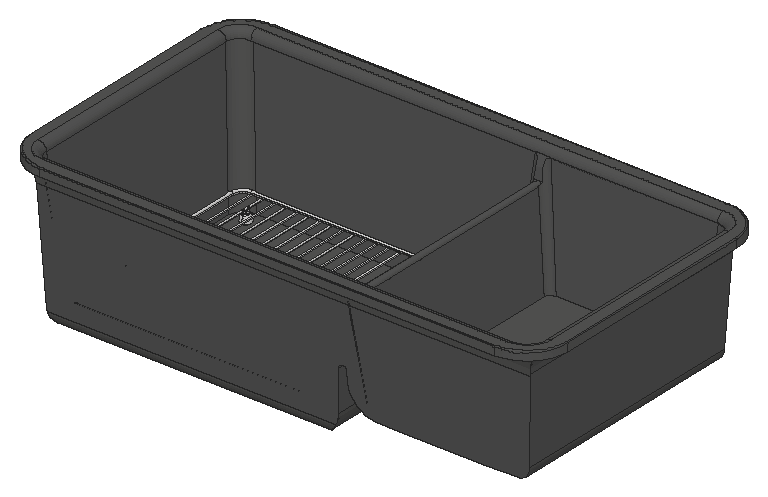
Revit family "Sink-Kitchen-KOHLER-Cairn-K-8204", category Plumbing Fixtures, host Face, Revit 2015 (continued)
Definition of nested family "K-8204"
  Lines and regions (in)
    symbolic lines, detail levels medium+fine
      curve 141: line (1.8115, 7.00723, 0) -> (-13.76631, 7.00723, 0)
      curve 142: line (-13.76592, 6.82119, 0) -> (1.81811, 6.82119, 0)
      curve 143: line (2.47171, 6.16758, 0) -> (2.47171, -6.15659, 0)
      curve 144: line (1.80793, -6.82037, 0) -> (-13.76776, -6.82037, 0)
      curve 145: line (-14.4242, -6.16393, 0) -> (-14.4242, 6.1629, 0)
      curve 146: arc (-13.76776, -6.82037, 0) -> (-14.23194, -6.6281, 0) -> (-14.4242, -6.16393, 0) r 0.65644
      curve 147: arc (-14.4242, 6.1629, 0) -> (-14.2314, 6.62838, 0) -> (-13.76592, 6.82119, 0) r 0.65829
      curve 148: arc (1.81811, 6.82119, 0) -> (2.28028, 6.62975, 0) -> (2.47171, 6.16758, 0) r 0.65361
      curve 149: arc (2.47171, -6.15659, 0) -> (2.2773, -6.62595, 0) -> (1.80793, -6.82037, 0) r 0.66378
      curve 150: arc (-13.76631, 7.00723, 0) -> (-14.36118, 6.76083, 0) -> (-14.60759, 6.16595, 0) r 0.84128
      curve 151: arc (2.65472, 6.16401, 0) -> (2.40774, 6.76026, 0) -> (1.8115, 7.00723, 0) r 0.84322
      curve 152: arc (1.8098, -7.00821, 0) -> (2.40724, -6.76074, 0) -> (2.65472, -6.16329, 0) r 0.84492
      curve 153: arc (-14.60759, -6.15814, 0) -> (-14.35861, -6.75923, 0) -> (-13.75752, -7.00821, 0) r 0.85007
      curve 154: line (2.68206, -6.56116, 0) -> (2.68206, 6.56647, 0)
      curve 155: arc (2.68206, 6.56647, 0) -> (2.56212, 6.85604, 0) -> (2.27255, 6.97598, 0) r 0.40951
      curve 156: line (2.27255, 6.97598, 0) -> (2.03893, 6.97598, 0)
      curve 157: arc (2.26235, -6.98086, 0) -> (2.55913, -6.85793, 0) -> (2.68206, -6.56116, 0) r 0.41971
      curve 158: line (2.26235, -6.98086, 0) -> (2.02301, -6.98086, 0)
      curve 159: arc (-13.18854, 5.95066, 0) -> (-13.46708, 5.62383, 0) -> (-13.18854, 5.29701, 0) r 0.33101
      curve 160: line (-13.19244, 5.8645, 0) -> (-13.08723, 5.8645, 0)
      curve 161: line (-13.19244, 5.36674, 0) -> (-13.08723, 5.36674, 0)
      curve 162: arc (-13.08295, 5.29712, 0) -> (-12.80507, 5.62383, 0) -> (-13.08295, 5.95055, 0) r 0.33101
      curve 163: arc (1.1091, 5.94284, 0) -> (0.83059, 5.61602, 0) -> (1.1091, 5.2892, 0) r 0.33101
      curve 164: line (1.10522, 5.8645, 0) -> (1.21081, 5.8645, 0)
      curve 165: line (1.10522, 5.36674, 0) -> (1.21081, 5.36674, 0)
      curve 166: arc (1.21432, 5.28924, 0) -> (1.4926, 5.61602, 0) -> (1.21432, 5.9428, 0) r 0.33101
      curve 167: arc (1.1091, -5.29003, 0) -> (0.83059, -5.61685, 0) -> (1.1091, -5.94367, 0) r 0.33101
      curve 168: line (1.10522, -5.36837, 0) -> (1.21081, -5.36837, 0)
      curve 169: line (1.10522, -5.86613, 0) -> (1.21081, -5.86613, 0)
      curve 170: arc (1.21432, -5.94363, 0) -> (1.4926, -5.61685, 0) -> (1.21432, -5.29007, 0) r 0.33101
      curve 171: arc (-13.19244, -5.29013, 0) -> (-13.47038, -5.61685, 0) -> (-13.19244, -5.94357, 0) r 0.33101
      curve 172: line (-13.19575, -5.36837, 0) -> (-13.08723, -5.36837, 0)
      curve 173: line (-13.19575, -5.86613, 0) -> (-13.08723, -5.86613, 0)
      curve 174: arc (-13.08723, -5.94372, 0) -> (-12.80837, -5.61685, 0) -> (-13.08723, -5.28998, 0) r 0.33101
      curve 175: line (-13.19244, 6.82119, 0) -> (-13.19244, -6.82037, 0)
      curve 176: line (-13.08723, -6.82037, 0) -> (-13.08723, 6.82119, 0)
      curve 177: line (-12.47641, 6.82119, 0) -> (-12.47641, -6.82037, 0)
      curve 178: line (-12.37119, -6.82037, 0) -> (-12.37119, 6.82119, 0)
      curve 179: line (-11.76174, 6.82119, 0) -> (-11.76174, -6.82037, 0)
      curve 180: line (-11.65653, -6.82037, 0) -> (-11.65653, 6.82119, 0)
      curve 181: line (-11.04526, 6.82119, 0) -> (-11.04526, -6.82037, 0)
      curve 182: line (-10.94004, -6.82037, 0) -> (-10.94004, 6.82119, 0)
      curve 183: line (-10.32945, 6.82119, 0) -> (-10.32945, -6.82037, 0)
      curve 184: line (-10.22424, -6.82037, 0) -> (-10.22424, 6.82119, 0)
      curve 185: line (-9.61763, 6.82119, 0) -> (-9.61763, -6.82037, 0)
      curve 186: line (-9.51241, -6.82037, 0) -> (-9.51241, 6.82119, 0)
      curve 187: line (-8.90194, 6.82119, 0) -> (-8.90194, -6.82037, 0)
      curve 188: line (-8.79673, -6.82037, 0) -> (-8.79673, 6.82119, 0)
      curve 189: line (-8.18692, 6.82119, 0) -> (-8.18692, -6.82037, 0)
      curve 190: line (-8.08171, -6.82037, 0) -> (-8.08171, 6.82119, 0)
      curve 191: line (-7.47128, 6.82119, 0) -> (-7.47128, -6.82037, 0)
      curve 192: line (-7.36606, -6.82037, 0) -> (-7.36606, 6.82119, 0)
      curve 193: line (-6.75612, 6.82119, 0) -> (-6.75612, -6.82037, 0)
      curve 194: line (-6.65091, -6.82037, 0) -> (-6.65091, 6.82119, 0)
      curve 195: line (-6.04171, 6.82119, 0) -> (-6.04171, -6.82037, 0)
      curve 196: line (-5.9365, -6.82037, 0) -> (-5.9365, 6.82119, 0)
      curve 197: line (-5.32623, 6.82119, 0) -> (-5.32623, -6.82037, 0)
      curve 198: line (-5.22102, -6.82037, 0) -> (-5.22102, 6.82119, 0)
      curve 199: line (-4.61137, 6.82119, 0) -> (-4.61137, -6.82037, 0)
      curve 200: line (-4.50615, -6.82037, 0) -> (-4.50615, -0.62028, 0)
      curve 201: line (-3.8965, 6.82119, 0) -> (-3.8965, 1.60115, 0)
      curve 202: line (-3.79129, -6.82037, 0) -> (-3.79129, -1.69249, 0)
      curve 203: line (-3.18164, 6.82119, 0) -> (-3.18164, 2.04137, 0)
      curve 204: line (-3.07643, -6.82037, 0) -> (-3.07643, -2.07899, 0)
      curve 205: line (-2.46588, 6.82119, 0) -> (-2.46588, 2.18127, 0)
      curve 206: line (-2.36067, -6.82037, 0) -> (-2.36067, -2.18123, 0)
      curve 207: line (-1.75128, 6.82119, 0) -> (-1.75128, 2.07871, 0)
      curve 208: line (-1.64607, -6.82037, 0) -> (-1.64607, -2.04217, 0)
      curve 209: line (-1.03581, 6.82119, 0) -> (-1.03581, 1.69127, 0)
      curve 210: line (-0.9306, -6.82037, 0) -> (-0.9306, -1.59977, 0)
      curve 211: line (-0.32122, 6.82119, 0) -> (-0.32122, 0.61614, 0)
      curve 212: line (-0.216, -6.82037, 0) -> (-0.216, 6.82119, 0)
      curve 213: line (0.39298, 6.82119, 0) -> (0.39298, -6.82037, 0)
      curve 214: line (0.4982, -6.82037, 0) -> (0.4982, 6.82119, 0)
      curve 215: line (1.1091, 6.82119, 0) -> (1.1091, -6.82037, 0)
      curve 216: line (1.21432, -6.82037, 0) -> (1.21432, 6.82119, 0)
      curve 217: line (1.82299, 6.82117, 0) -> (1.82299, -6.8202, 0)
      curve 218: line (1.9282, -6.80938, 0) -> (1.9282, 6.81185, 0)
      curve 219: line (2.47171, 2.22428, 0) -> (1.9282, 2.22428, 0)
      curve 220: line (-14.4242, 2.04137, 0) -> (-13.19244, 2.04137, 0)
      curve 221: line (-3.18164, 2.22428, 0) -> (-3.79129, 2.22428, 0)
      curve 222: line (-3.79129, 2.04137, 0) -> (-3.18164, 2.04137, 0)
      curve 223: line (-3.8965, 2.22428, 0) -> (-4.50615, 2.22428, 0)
      curve 224: line (-4.50615, 2.04137, 0) -> (-3.8965, 2.04137, 0)
      curve 225: line (-4.61137, 2.22428, 0) -> (-5.22102, 2.22428, 0)
      curve 226: line (-5.22102, 2.04137, 0) -> (-4.61137, 2.04137, 0)
      curve 227: line (-5.32623, 2.22428, 0) -> (-5.9365, 2.22428, 0)
      curve 228: line (-5.9365, 2.04137, 0) -> (-5.32623, 2.04137, 0)
      curve 229: line (-6.04171, 2.22428, 0) -> (-6.65091, 2.22428, 0)
      curve 230: line (-6.65091, 2.04137, 0) -> (-6.04171, 2.04137, 0)
      curve 231: line (-6.75612, 2.22428, 0) -> (-7.36606, 2.22428, 0)
      curve 232: line (-7.47128, 2.22428, 0) -> (-8.08171, 2.22428, 0)
      curve 233: line (-8.18692, 2.22428, 0) -> (-8.79673, 2.22428, 0)
      curve 234: line (-8.08171, 2.04137, 0) -> (-7.47128, 2.04137, 0)
      curve 235: line (-7.36606, 2.04137, 0) -> (-6.75612, 2.04137, 0)
      curve 236: line (-8.90194, 2.22428, 0) -> (-9.51241, 2.22428, 0)
      curve 237: line (-8.79673, 2.04137, 0) -> (-8.18692, 2.04137, 0)
      curve 238: line (-9.61763, 2.22428, 0) -> (-10.22424, 2.22428, 0)
      curve 239: line (-9.51241, 2.04137, 0) -> (-8.90194, 2.04137, 0)
      curve 240: line (-10.32945, 2.22428, 0) -> (-10.94004, 2.22428, 0)
      curve 241: line (-10.22424, 2.04137, 0) -> (-9.61763, 2.04137, 0)
      curve 242: line (-11.04526, 2.22428, 0) -> (-11.65653, 2.22428, 0)
      curve 243: line (-10.94004, 2.04137, 0) -> (-10.32945, 2.04137, 0)
      curve 244: line (-11.76174, 2.22428, 0) -> (-12.37119, 2.22428, 0)
      curve 245: line (-11.65653, 2.04137, 0) -> (-11.04526, 2.04137, 0)
      curve 246: line (-12.47641, 2.22428, 0) -> (-13.08723, 2.22428, 0)
      curve 247: line (-12.37119, 2.04137, 0) -> (-11.76174, 2.04137, 0)
      curve 248: line (-13.19244, 2.22428, 0) -> (-14.4242, 2.22428, 0)
      curve 249: line (-13.08723, 2.04137, 0) -> (-12.47641, 2.04137, 0)
      curve 250: line (-2.46588, 2.22428, 0) -> (-3.07643, 2.22428, 0)
      curve 251: line (-1.75128, 2.22428, 0) -> (-2.36067, 2.22428, 0)
      curve 252: line (-0.216, 2.04137, 0) -> (0.39298, 2.04137, 0)
      curve 253: line (-0.9306, 2.04137, 0) -> (-0.32122, 2.04137, 0)
      curve 254: line (-1.64607, 2.04137, 0) -> (-1.03581, 2.04137, 0)
      curve 255: line (1.1091, 2.22428, 0) -> (0.4982, 2.22428, 0)
      curve 256: line (0.39298, 2.22428, 0) -> (0.08286, 2.22428, 0)
      curve 257: line (0.08286, 2.22428, 0) -> (-0.216, 2.22428, 0)
      curve 258: line (-0.32122, 2.22428, 0) -> (-0.9306, 2.22428, 0)
      curve 259: line (-1.03581, 2.22428, 0) -> (-1.64607, 2.22428, 0)
      curve 260: line (1.82299, 2.22428, 0) -> (1.21432, 2.22428, 0)
      curve 261: line (1.21432, 2.04137, 0) -> (1.82299, 2.04137, 0)
      curve 262: line (0.4982, 2.04137, 0) -> (1.1091, 2.04137, 0)
      curve 263: line (1.9282, 2.04137, 0) -> (2.47171, 2.04137, 0)
      curve 264: line (2.47171, -2.03223, 0) -> (1.9282, -2.03223, 0)
      curve 265: line (-14.4242, -2.21514, 0) -> (-13.19244, -2.21514, 0)
      curve 266: line (-3.20844, -2.03223, 0) -> (-3.79129, -2.03223, 0)
      curve 267: line (-3.79129, -2.21514, 0) -> (-3.18164, -2.21514, 0)
      curve 268: line (-3.8965, -2.03223, 0) -> (-4.50615, -2.03223, 0)
      curve 269: line (-4.50615, -2.21514, 0) -> (-3.8965, -2.21514, 0)
      curve 270: line (-4.61137, -2.03223, 0) -> (-5.22102, -2.03223, 0)
      curve 271: line (-5.22102, -2.21514, 0) -> (-4.61137, -2.21514, 0)
      curve 272: line (-5.32623, -2.03223, 0) -> (-5.9365, -2.03223, 0)
      curve 273: line (-5.9365, -2.21514, 0) -> (-5.32623, -2.21514, 0)
      curve 274: line (-6.04171, -2.03223, 0) -> (-6.65091, -2.03223, 0)
      curve 275: line (-6.65091, -2.21514, 0) -> (-6.04171, -2.21514, 0)
      curve 276: line (-6.75612, -2.03223, 0) -> (-7.36606, -2.03223, 0)
      curve 277: line (-7.47128, -2.03223, 0) -> (-8.08171, -2.03223, 0)
      curve 278: line (-8.18692, -2.03223, 0) -> (-8.79673, -2.03223, 0)
      curve 279: line (-8.08171, -2.21514, 0) -> (-7.47128, -2.21514, 0)
      curve 280: line (-7.36606, -2.21514, 0) -> (-6.75612, -2.21514, 0)
      curve 281: line (-8.90194, -2.03223, 0) -> (-9.51241, -2.03223, 0)
      curve 282: line (-8.79673, -2.21514, 0) -> (-8.18692, -2.21514, 0)
      curve 283: line (-9.61763, -2.03223, 0) -> (-10.22424, -2.03223, 0)
      curve 284: line (-9.51241, -2.21514, 0) -> (-8.90194, -2.21514, 0)
      curve 285: line (-10.32945, -2.03223, 0) -> (-10.94004, -2.03223, 0)
      curve 286: line (-10.22424, -2.21514, 0) -> (-9.61763, -2.21514, 0)
      curve 287: line (-11.04526, -2.03223, 0) -> (-11.65653, -2.03223, 0)
      curve 288: line (-10.94004, -2.21514, 0) -> (-10.32945, -2.21514, 0)
      curve 289: line (-11.76174, -2.03223, 0) -> (-12.37119, -2.03223, 0)
      curve 290: line (-11.65653, -2.21514, 0) -> (-11.04526, -2.21514, 0)
      curve 291: line (-12.47641, -2.03223, 0) -> (-13.08723, -2.03223, 0)
      curve 292: line (-12.37119, -2.21514, 0) -> (-11.76174, -2.21514, 0)
      curve 293: line (-13.19244, -2.03223, 0) -> (-14.4242, -2.03223, 0)
      curve 294: line (-13.08723, -2.21514, 0) -> (-12.47641, -2.21514, 0)
      curve 295: line (-3.07643, -2.21514, 0) -> (-2.46588, -2.21514, 0)
      curve 296: line (-2.36067, -2.21514, 0) -> (-1.75128, -2.21514, 0)
      curve 297: line (-0.216, -2.21514, 0) -> (0.39298, -2.21514, 0)
      curve 298: line (-0.9306, -2.21514, 0) -> (-0.32122, -2.21514, 0)
      curve 299: line (-1.64607, -2.21514, 0) -> (-1.03581, -2.21514, 0)
      curve 300: line (1.1091, -2.03223, 0) -> (0.4982, -2.03223, 0)
      curve 301: line (0.39298, -2.03223, 0) -> (0.08286, -2.03223, 0)
      curve 302: line (0.08286, -2.03223, 0) -> (-0.216, -2.03223, 0)
      curve 303: line (-0.32122, -2.03223, 0) -> (-0.9306, -2.03223, 0)
      curve 304: line (-1.03581, -2.03223, 0) -> (-1.62015, -2.03223, 0)
      curve 305: line (1.82299, -2.03223, 0) -> (1.21432, -2.03223, 0)
      curve 306: line (1.21432, -2.21514, 0) -> (1.82299, -2.21514, 0)
      curve 307: line (0.4982, -2.21514, 0) -> (1.1091, -2.21514, 0)
      curve 308: line (1.9282, -2.21514, 0) -> (2.47171, -2.21514, 0)
      curve 309: line (-13.90807, 6.80566, 0) -> (-13.90807, -6.82037, 0)
      curve 310: line (-13.80285, -6.81943, 0) -> (-13.80285, 6.82015, 0)
      curve 311: circle (-2.4143, 0, 0) r 2.18188 normal (0, 0, 1)
      curve 312: circle (-2.4143, 0, 0) r 2 normal (0, 0, 1)
      curve 313: circle (-2.4143, 0, 0) r 1.77465 normal (0, 0, 1)
      curve 314: line (-3.07643, 2.07899, 0) -> (-3.07643, 6.82119, 0)
      curve 315: line (-3.8965, -1.60115, 0) -> (-3.8965, -6.82037, 0)
      curve 316: line (-3.79129, 1.69249, 0) -> (-3.79129, 6.82119, 0)
      curve 317: line (-3.18164, -2.0425, 0) -> (-3.18164, -6.82037, 0)
      curve 318: line (-2.46588, -2.18127, 0) -> (-2.46588, -6.82037, 0)
      curve 319: line (-2.36067, 2.18122, 0) -> (-2.36067, 6.82119, 0)
      curve 320: line (-0.9306, 1.59977, 0) -> (-0.9306, 6.82119, 0)
      curve 321: line (-1.03581, -1.69127, 0) -> (-1.03581, -6.82037, 0)
      curve 322: line (-1.64607, 2.04137, 0) -> (-1.64607, 6.82119, 0)
      curve 323: line (-1.75128, -2.07871, 0) -> (-1.75128, -6.82037, 0)
      curve 324: line (-0.32122, -0.61614, 0) -> (-0.32122, -6.82037, 0)
      curve 325: line (-4.50615, 0.62028, 0) -> (-4.50615, 6.82119, 0)
      curve 326: line (3.32599, -7.43807, 0) -> (3.32599, 7.39078, 0)
      curve 327: line (3.75778, 7.3424, 0) -> (3.75778, -7.31051, 0)
      curve 328: spline (3.32599, 7.39078, 0) -> (3.32436, 7.41164, 0) -> (3.3224, 7.43202, 0) -> (3.3201, 7.45185, 0) -> (3.31747, 7.47106, 0) -> (3.31453, 7.48961, 0) -> (3.31129, 7.50741, 0) -> (3.30775, 7.52443, 0) -> (3.30392, 7.54059, 0) -> (3.29982, 7.55586, 0) -> (3.29546, 7.57017, 0) -> (3.29086, 7.58348, 0) -> (3.28602, 7.59576, 0)
      curve 329: line (3.28602, 7.59576, 0) -> (3.17825, 7.91628, 0)
      curve 330: spline (3.82349, 7.5961, 0) -> (3.81478, 7.58157, 0) -> (3.80655, 7.56554, 0) -> (3.79884, 7.5481, 0) -> (3.79168, 7.52933, 0) -> (3.78512, 7.50931, 0) -> (3.77917, 7.48812, 0) -> (3.77387, 7.46588, 0) -> (3.76924, 7.44267, 0) -> (3.7653, 7.41861, 0) -> (3.76207, 7.3938, 0) -> (3.75956, 7.36836, 0) -> (3.75778, 7.3424, 0)
      curve 331: line (4.03553, 7.91628, 0) -> (3.82337, 7.59653, 0)
      curve 332: spline (3.29465, -7.59621, 0) -> (3.29869, -7.58605, 0) -> (3.30249, -7.57527, 0) -> (3.30605, -7.56388, 0) -> (3.30935, -7.55191, 0) -> (3.3124, -7.53938, 0) -> (3.31517, -7.5263, 0) -> (3.31768, -7.51272, 0) -> (3.31991, -7.49865, 0) -> (3.32186, -7.48412, 0) -> (3.32352, -7.46916, 0) -> (3.3249, -7.4538, 0) -> (3.32599, -7.43807, 0)
      curve 333: line (3.24309, -7.91614, 0) -> (3.29465, -7.59621, 0)
      curve 334: spline (3.75778, -7.31051, 0) -> (3.76087, -7.33967, 0) -> (3.76454, -7.36834, 0) -> (3.76877, -7.39638, 0) -> (3.77356, -7.42364, 0) -> (3.77886, -7.44998, 0) -> (3.78465, -7.47525, 0) -> (3.79091, -7.49934, 0) -> (3.79759, -7.52211, 0) -> (3.80467, -7.54344, 0) -> (3.81211, -7.56324, 0) -> (3.81987, -7.58138, 0) -> (3.82791, -7.59779, 0)
      curve 335: line (3.82791, -7.59779, 0) -> (4.04566, -7.91614, 0)
      curve 336: line (3.82337, 7.59653, 0) -> (3.28576, 7.59653, 0)
      curve 337: line (3.82725, -7.59653, 0) -> (3.2946, -7.59653, 0)
      curve 338: line (-16.75, 0, -0.5) -> (16.75, 0, -0.5)
      curve 339: line (-16.6523, 0, 0) -> (16.65028, 0, 0)
      curve 340: line (-3.48421, 0, -12.35359) -> (-1.34421, 0, -12.35359)
      curve 341: line (-3.2846, 0, -12.042) -> (-1.54399, 0, -12.042)
      curve 342: line (-3.34986, 0, -12.00379) -> (-1.47855, 0, -12.00379)
      curve 343: line (-3.94689, 0, -11.05153) -> (-0.8817, 0, -11.05153)
      curve 344: line (-4.00828, 0, -10.12428) -> (-0.82013, 0, -10.12428)
      curve 345: line (2.10996, 0, -9.85694) -> (-10.37588, 0, -9.85694)
      curve 346: line (-5.39497, 0, -10.02767) -> (0.41932, 0, -10.02767)
      curve 347: arc (-16.6523, 0, 0) -> (-16.69208, 0, -0.01547) -> (-16.71096, 0, -0.05375) r 0.05888
      curve 348: arc (16.71113, 0, -0.05576) -> (16.69155, 0, -0.01605) -> (16.65028, 0, 0) r 0.06108
      curve 349: line (8.58972, 0, -10.01862) -> (10.46103, 0, -10.01862)
      curve 350: line (8.6547, 0, -10.05784) -> (10.4047, 0, -10.05784)
      curve 351: line (8.45538, 0, -10.36843) -> (10.58089, 0, -10.36843)
      curve 352: line (7.99278, 0, -9.06647) -> (11.05798, 0, -9.06647)
      curve 353: line (7.9313, 0, -8.13911) -> (11.97433, 0, -8.13911)
      curve 354: line (6.67381, 0, -8.03096) -> (12.41159, 0, -8.03096)
      curve 355: line (8.65375, 0, -10.65094) -> (10.397, 0, -10.65094)
      curve 356: line (-3.28583, 0, -12.63611) -> (-1.54258, 0, -12.63611)
      curve 357: line (0, -9.05249, 0) -> (0, 9.05141, 0)
      curve 358: arc (0, -9.05249, 0) -> (0, -9.09213, -0.01541) -> (0, -9.11094, -0.05356) r 0.05867
      curve 359: arc (0, 9.11104, -0.05464) -> (0, 9.09185, -0.01573) -> (0, 9.05141, 0) r 0.05986
      curve 360: line (0, -9.15, -0.5) -> (0, 9.15, -0.5)
      curve 361: line (0, -7.52032, -8.03096) -> (0, 7.52032, -8.03096)
      curve 362: line (0, 2.44895, -8.14001) -> (0, -2.44895, -8.14001)
      curve 363: line (0, -1.07, -12.35348) -> (0, 1.07, -12.35348)
      curve 364: line (0, 1.07, -12.042) -> (0, -1.07, -12.042)
      curve 365: line (0, -0.93565, -12.00368) -> (0, 0.93565, -12.00368)
      curve 366: line (0, 1.64051, -11.05153) -> (0, -1.64051, -11.05153)
      curve 367: line (0, -1.07, -10.36932) -> (0, 1.07, -10.36932)
      curve 368: line (0, 1.64051, -9.06736) -> (0, -1.64051, -9.06736)
      curve 369: line (0, -3.52377, -10.00188) -> (0, 3.46473, -10.00188)
      curve 370: line (0, -2.95242, -10.02767) -> (0, 2.8677, -10.02767)
      curve 371: line (0, 0, -8.02726) -> (0, 2.99481, -8.02726)
      curve 372: line (0, 2.44895, -8.13959) -> (0, 1.59408, -8.13959)
      curve 373: line (0, 1.59408, -8.13959) -> (0, 1.59408, -8.92745)
      curve 374: line (0, 1.64051, -9.06694) -> (0, 1.5326, -9.06694)
      curve 375: line (0, 0.93565, -9.67293) -> (0, 0.93565, -10.0191)
      curve 376: line (0, 1.07, -10.05741) -> (0, 0.87031, -10.05741)
      curve 377: line (0, 1.07, -10.05741) -> (0, 1.07, -10.3689)
      curve 378: line (0, 1.07, -10.3689) -> (0, 0.92452, -10.62088)
      curve 379: line (0, 0.87163, -10.65141) -> (0, 0, -10.65141)
      curve 380: arc (0, 2.44895, -8.13959) -> (0, 2.71744, -8.06183) -> (0, 2.99481, -8.02726) r 1.77194
      curve 381: arc (0, 1.59408, -8.92745) -> (0, 1.57803, -9.00367) -> (0, 1.5326, -9.06694) r 0.18898
      curve 382: line (0, 1.56108, -9.17979) -> (0, 1.18365, -9.31801)
      curve 383: arc (0, 1.64051, -9.06694) -> (0, 1.61845, -9.13579) -> (0, 1.56108, -9.17979) r 0.12106
      curve 384: arc (0, 1.18365, -9.31801) -> (0, 1.00379, -9.45644) -> (0, 0.93565, -9.67293) r 0.37796
      curve 385: arc (0, 0.92452, -10.62088) -> (0, 0.90217, -10.64323) -> (0, 0.87163, -10.65141) r 0.06108
      curve 386: line (0, 0.93565, -10.0191) -> (0, 0.87031, -10.05741)
      curve 387: line (0, 0, -8.02726) -> (0, -2.99481, -8.02726)
      curve 388: line (0, -2.44895, -8.13959) -> (0, -1.59408, -8.13959)
      curve 389: line (0, -1.59408, -8.13959) -> (0, -1.59408, -8.92745)
      curve 390: line (0, -1.64051, -9.06694) -> (0, -1.5326, -9.06694)
      curve 391: line (0, -0.93565, -9.67293) -> (0, -0.93565, -10.0191)
      curve 392: line (0, -1.07, -10.05741) -> (0, -0.87031, -10.05741)
      curve 393: line (0, -1.07, -10.05741) -> (0, -1.07, -10.3689)
      curve 394: line (0, -1.07, -10.3689) -> (0, -0.92452, -10.62088)
      curve 395: line (0, -0.87163, -10.65141) -> (0, 0, -10.65141)
      curve 396: arc (0, -2.44895, -8.13959) -> (0, -2.71744, -8.06183) -> (0, -2.99481, -8.02726) r 1.77194
      curve 397: arc (0, -1.59408, -8.92745) -> (0, -1.57803, -9.00367) -> (0, -1.5326, -9.06694) r 0.18898
      curve 398: line (0, -1.56108, -9.17979) -> (0, -1.18365, -9.31801)
      curve 399: arc (0, -1.64051, -9.06694) -> (0, -1.61845, -9.13579) -> (0, -1.56108, -9.17979) r 0.12106
      curve 400: arc (0, -1.18365, -9.31801) -> (0, -1.00379, -9.45644) -> (0, -0.93565, -9.67293) r 0.37796
      curve 401: arc (0, -0.92452, -10.62088) -> (0, -0.90217, -10.64323) -> (0, -0.87163, -10.65141) r 0.06108
      curve 402: line (0, -0.93565, -10.0191) -> (0, -0.87031, -10.05741)
      curve 403: line (0, -1.59479, -10.12433) -> (0, -1.07, -10.12433)
      curve 404: line (0, 1.59408, -10.12417) -> (0, 1.07, -10.12417)
      curve 405: line (0, -0.87234, -12.63616) -> (0, 0.87091, -12.63616)
  Dimensions and locks (in)
    aligned and locked: plane 2 to level
Types (5): name | Type | Model | Finish
  (no name) | 1 | "K-8204-CM1" | Kohler-Neoroc-CM1-Matte_Black
  CM1-Neoroc Matte Black | 1 | "K-8204-CM1" | Kohler-Neoroc-CM1-Matte_Black
  CM2-Neoroc Matte Brown | 2 | "K-8204-CM2" | Kohler-Neoroc-CM2-Matte_Brown
  CM3-Matte Toupe | 3 | "K-8204-CM3" | Kohler-Neoroc-CM3-Matte_Taupe
  CM4-Matte Grey | 4 | "K-8204-CM4" | Kohler-Neoroc-CM4-Matte_Grey
